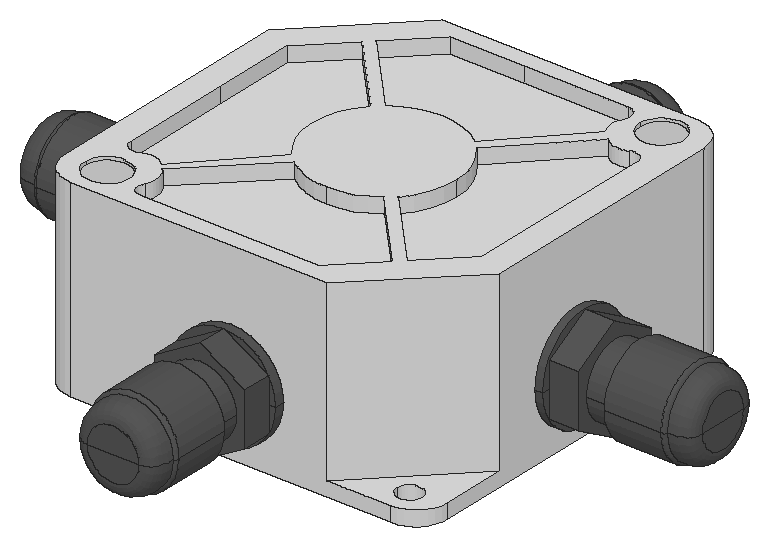
Revit family "ustroystvo soedinitelnoe_us-4", category Датчики, Revit 2016
Family settings
  Сохранять ориентацию аннотаций = Нет
  Тип детали = Нормальный
  Размер круглого соединителя = Использовать диаметр
  На основе рабочей плоскости = Нет
  Всегда вертикально = Да
  При загрузке вырезать с полостями = Нет
  Общий = Нет
  Точка расчета площади = Нет
Parameters (values of type "УС-4")
  Метизы = Металл
  Watermarked By = ""
  Type Comments = "﻿﻿                           ﻿       ﻿     ﻿       ​         ​       ​   ​                  ﻿      ​ ​  ​       ​     ​ ﻿​                    ﻿     ﻿       ﻿       ﻿     ​         ﻿               ﻿﻿"
  Изготовитель = "ООО НПП \"Магнито-Контакт\""
  Гермоввод = Пластик черный
  URL = "www.m-kontakt.ru"
  Keynote = "﻿﻿                           ﻿       ﻿     ﻿       ​         ​       ​   ​                  ﻿      ​ ​  ​       ​     ​ ﻿​                    ﻿     ﻿       ﻿       ﻿     ​         ﻿               ﻿﻿"
  Description = "﻿﻿                           ﻿       ﻿     ﻿       ​         ​       ​   ​                  ﻿      ​ ​  ​       ​     ​ ﻿​                    ﻿     ﻿       ﻿       ﻿     ​         ﻿               ﻿﻿"
  BL_Разработано = "support@bimlib.ru"  # constant formula
  BL_Email = "451694@bk.ru"  # constant formula
  BL_BIM library = "https://bimlib.ru/manufacturer/company/2873"
  Assembly Code = "﻿﻿                           ﻿       ﻿     ﻿       ​         ​       ​   ​                  ﻿      ​ ​  ​       ​     ​ ﻿​                    ﻿     ﻿       ﻿       ﻿     ​         ﻿               ﻿﻿"
  ADSK_Размер_Ширина = 106 mm
  ADSK_Размер_Длина = 106 mm
  ADSK_Размер_Высота = 32 mm
  ADSK_Примечание = ""
  ADSK_Позиция = ""
  ADSK_Обозначение = "ПАШК.425212.050 ТУ"
  ADSK_Наименование = "Устройство соединительное УС-4"
  ADSK_Материал = Пластик белый
  ADSK_Масса = 0.2
  ADSK_Код изделия = ""
  ADSK_Завод-изготовитель = "ООО НПП \"Магнито-Контакт\""
  ADSK_Единица измерения = "шт."
  ADSK_Версия Revit = "2016"  # constant formula
  ADSK_URL страницы изделия = ""
  ADSK_URL документации изделия = ""
Reference planes
  plane 1 "По центру (Вперед/Назад)": y = 0
  plane 2: z = 0
  plane 3 "По центру (Влево/Вправо)": x = 0
  plane 4: z = 32
  plane 5: x = -53
  plane 6: x = 53
  plane 7: y = 53
  plane 8: y = -53
  plane 9: x = -30
  plane 10: x = 30
  plane 11: y = 30
  plane 12: y = -30
Forms (mm)
  Extrusion 1, solid, material "Пластик белый" <- "ADSK_Материал", detail levels medium+fine
    sketch origin (0, 0, 2) x (1, 0, 0) y (0, 1, 0)
      loop
        arc (-25, 30) -> (-28.536, 28.536) -> (-30, 25) r 5
        line (-30, 25) -> (-30, -25)
        arc (-30, -25) -> (-28.536, -28.536) -> (-25, -30) r 5
        line (-25, -30) -> (25, -30)
        arc (25, -30) -> (28.536, -28.536) -> (30, -25) r 5
        line (30, -25) -> (30, 25)
        arc (30, 25) -> (28.536, 28.536) -> (25, 30) r 5
        line (25, 30) -> (-25, 30)
    from 0 to 30
  Extrusion 2, void
    sketch origin (0, 0, 0) x (1, 0, 0) y (0, 1, 0)
      loop
        line (-30, 30) -> (-30, 15) -> (-15, 30) -> (-30, 30)
      loop
        line (30, -30) -> (30, -15) -> (15, -30) -> (30, -30)
    from 4.333 to 32
  Extrusion 3, void
    sketch origin (0, 0, 0) x (1, 0, 0) y (0, 1, 0)
      loop
        line (-25.734, 13.14) -> (-25.734, 0) -> (-25.734, -17.414)
        arc (-25.734, -17.414) -> (-24.88, -18.902) -> (-23.164, -18.918) r 1.725
        arc (-23.164, -18.918) -> (-21.093, -18.566) -> (-19.268, -19.605) r 3.123
        line (-19.268, -19.605) -> (-8.277, -7.703)
        arc (-8.277, -7.703) -> (-10.537, -4.1) -> (-11.307, 0.083) r 11.307
        arc (-11.307, 0.083) -> (-10.507, 4.177) -> (-8.277, 7.703) r 11.307
        line (-8.277, 7.703) -> (-19.268, 19.605) -> (-25.734, 13.14)
      loop
        line (-18.057, 20.816) -> (-7.02, 8.864)
        arc (-7.02, 8.864) -> (-3.72, 10.678) -> (-0.007, 11.307) r 11.307
        arc (-0.007, 11.307) -> (3.713, 10.68) -> (7.02, 8.864) r 11.307
        line (7.02, 8.864) -> (18.057, 20.816)
        arc (18.057, 20.816) -> (17.417, 22.668) -> (17.875, 24.573) r 3.491
        arc (17.875, 24.573) -> (17.871, 26.38) -> (16.305, 27.282) r 1.809
        line (16.305, 27.282) -> (0, 27.282) -> (-11.591, 27.282) -> (-18.057, 20.816)
      loop
        line (19.268, 19.605) -> (8.277, 7.703)
        arc (8.277, 7.703) -> (10.507, 4.177) -> (11.307, 0.083) r 11.307
        arc (11.307, 0.083) -> (10.537, -4.1) -> (8.277, -7.703) r 11.307
        line (8.277, -7.703) -> (19.268, -19.605) -> (25.734, -13.14) -> (25.734, 0) -> (25.734, 17.414)
        arc (25.734, 17.414) -> (24.88, 18.902) -> (23.164, 18.918) r 1.725
        arc (23.164, 18.918) -> (21.093, 18.566) -> (19.268, 19.605) r 3.123
      loop
        arc (-18.48, -20.324) -> (-17.448, -22.345) -> (-17.875, -24.573) r 3.491
        arc (-17.875, -24.573) -> (-17.871, -26.38) -> (-16.305, -27.282) r 1.809
        line (-16.305, -27.282) -> (0, -27.282) -> (11.591, -27.282) -> (18.057, -20.816) -> (7.02, -8.864)
        arc (7.02, -8.864) -> (3.713, -10.68) -> (-0.007, -11.307) r 11.307
        arc (-0.007, -11.307) -> (-3.72, -10.678) -> (-7.02, -8.864) r 11.307
        line (-7.02, -8.864) -> (-18.48, -20.324)
    from 29.614 to 32
  Extrusion 4, void
    sketch origin (0, 0, 0) x (1, 0, 0) y (0, 1, 0)
      loop
        circle (-24.956, 26.149) r 1.982
      loop
        circle (24.812, -26.023) r 1.982
    from 0 to 4.333
  Extrusion 5, void
    sketch origin (0, 0, 0) x (1, 0, 0) y (0, 1, 0)
      loop
        circle (23.397, 25.019) r 3.434
      loop
        circle (-23.491, -24.782) r 3.434
    from 28.361 to 32
  Extrusion 6, solid, material "Металл" <- "Метизы", detail levels medium+fine
    sketch origin (0, 0, 0) x (1, 0, 0) y (0, 1, 0)
      loop
        circle (23.393, 25.019) r 3.26
      loop
        circle (-23.524, -24.797) r 3.26
    from 28.361 to 31.625
  Revolve 7, solid, material "Пластик черный" <- "Гермоввод", detail levels fine
    sketch origin (0, 0, 12.813) x (1, 0, 0) y (0, 1, 0)
      loop
        line (0, 36.066) -> (0, 53) -> (-4.017, 53)
        spline (-4.017, 53) -> (-4.419, 52.975) -> (-4.786, 52.902) -> (-5.118, 52.779) -> (-5.414, 52.607) -> (-5.676, 52.386) -> (-5.903, 52.116) -> (-6.095, 51.797) -> (-6.253, 51.429) -> (-6.375, 51.012) -> (-6.462, 50.546) -> (-6.515, 50.03) -> (-6.532, 49.466)
        arc (-6.532, 49.466) -> (-6.859, 49.219) -> (-6.984, 48.829) r 0.675
        line (-6.984, 48.829) -> (-6.984, 40.032) -> (-5.674, 40.032) -> (-5.674, 36.066) -> (0, 36.066)
      loop
        line (0, 31.403) -> (-8.2, 31.403) -> (-8.2, 30) -> (0, 30) -> (0, 31.403)
      axis (0, 30) -> (0, 53)
    angle from 0 to 360
  Extrusion 8, solid, material "Пластик черный" <- "Гермоввод", detail levels fine
    sketch origin (0, 0, 0) x (1, 0, 0) y (0, 0, 1)
      loop
        line (0, 21.005) -> (-7.095, 16.909) -> (-7.095, 8.716) -> (0, 4.62) -> (7.095, 8.716) -> (7.095, 16.909) -> (0, 21.005)
    from -36.066 to -31.403
  Revolve 9, solid, material "Пластик черный" <- "Гермоввод", detail levels fine
    sketch origin (0, 0, 12.813) x (1, 0, 0) y (0, 1, 0)
      loop
        line (0, -36.066) -> (-5.674, -36.066) -> (-5.674, -40.032) -> (-6.984, -40.032) -> (-6.984, -48.829)
        arc (-6.984, -48.829) -> (-6.859, -49.219) -> (-6.532, -49.466) r 0.675
        spline (-6.532, -49.466) -> (-6.515, -50.03) -> (-6.462, -50.546) -> (-6.375, -51.012) -> (-6.253, -51.429) -> (-6.095, -51.797) -> (-5.903, -52.116) -> (-5.676, -52.386) -> (-5.414, -52.607) -> (-5.118, -52.779) -> (-4.786, -52.902) -> (-4.419, -52.975) -> (-4.017, -53)
        line (-4.017, -53) -> (0, -53) -> (0, -36.066)
      loop
        line (0, -31.403) -> (0, -30) -> (-8.2, -30) -> (-8.2, -31.403) -> (0, -31.403)
      axis (0, -30) -> (0, -53)
    angle from 0 to 360
  Extrusion 10, solid, material "Пластик черный" <- "Гермоввод", detail levels fine
    sketch origin (0, 0, 0) x (1, 0, 0) y (0, 0, -1)
      loop
        line (0, -21.005) -> (7.095, -16.909) -> (7.095, -8.716) -> (0, -4.62) -> (-7.095, -8.716) -> (-7.095, -16.909) -> (0, -21.005)
    from -36.066 to -31.403
  Revolve 11, solid, material "Пластик черный" <- "Гермоввод", detail levels fine
    sketch origin (0, 0, 12.813) x (0, -1, 0) y (1, 0, 0)
      loop
        line (0, -36.066) -> (-5.674, -36.066) -> (-5.674, -40.032) -> (-6.984, -40.032) -> (-6.984, -48.829)
        arc (-6.984, -48.829) -> (-6.859, -49.219) -> (-6.532, -49.466) r 0.675
        spline (-6.532, -49.466) -> (-6.515, -50.03) -> (-6.462, -50.546) -> (-6.375, -51.012) -> (-6.253, -51.429) -> (-6.095, -51.797) -> (-5.903, -52.116) -> (-5.676, -52.386) -> (-5.414, -52.607) -> (-5.118, -52.779) -> (-4.786, -52.902) -> (-4.419, -52.975) -> (-4.017, -53)
        line (-4.017, -53) -> (0, -53) -> (0, -36.066)
      loop
        line (0, -31.403) -> (0, -30) -> (-8.2, -30) -> (-8.2, -31.403) -> (0, -31.403)
      axis (0, -30) -> (0, -53)
    angle from 0 to 360
  Extrusion 12, solid, material "Пластик черный" <- "Гермоввод", detail levels fine
    sketch origin (0, 0, 0) x (0, -1, 0) y (0, 0, -1)
      loop
        line (0, -21.005) -> (7.095, -16.909) -> (7.095, -8.716) -> (0, -4.62) -> (-7.095, -8.716) -> (-7.095, -16.909) -> (0, -21.005)
    from -36.066 to -31.403
  Revolve 13, solid, material "Пластик черный" <- "Гермоввод", detail levels fine
    sketch origin (0, 0, 12.813) x (0, -1, 0) y (1, 0, 0)
      loop
        line (0, 36.066) -> (0, 53) -> (-4.017, 53)
        spline (-4.017, 53) -> (-4.419, 52.975) -> (-4.786, 52.902) -> (-5.118, 52.779) -> (-5.414, 52.607) -> (-5.676, 52.386) -> (-5.903, 52.116) -> (-6.095, 51.797) -> (-6.253, 51.429) -> (-6.375, 51.012) -> (-6.462, 50.546) -> (-6.515, 50.03) -> (-6.532, 49.466)
        arc (-6.532, 49.466) -> (-6.859, 49.219) -> (-6.984, 48.829) r 0.675
        line (-6.984, 48.829) -> (-6.984, 40.032) -> (-5.674, 40.032) -> (-5.674, 36.066) -> (0, 36.066)
      loop
        line (0, 31.403) -> (-8.2, 31.403) -> (-8.2, 30) -> (0, 30) -> (0, 31.403)
      axis (0, 30) -> (0, 53)
    angle from 0 to 360
  Extrusion 14, solid, material "Пластик черный" <- "Гермоввод", detail levels fine
    sketch origin (0, 0, 0) x (0, -1, 0) y (0, 0, 1)
      loop
        line (0, 21.005) -> (-7.095, 16.909) -> (-7.095, 8.716) -> (0, 4.62) -> (7.095, 8.716) -> (7.095, 16.909) -> (0, 21.005)
    from -36.066 to -31.403
  Extrusion 15, solid, material "Пластик белый" <- "ADSK_Материал", detail levels medium+fine
    sketch origin (0, 0, 0) x (1, 0, 0) y (0, 1, 0)
      loop
        circle (-18.85, 20.41) r 1.548
      loop
        circle (18.85, 20.41) r 1.548
      loop
        circle (-18.85, -20.41) r 1.548
      loop
        circle (18.85, -20.41) r 1.548
    from 0 to 2
Cuts and joins
  Extrusion 2, Extrusion 3, Extrusion 4, Extrusion 5 cuts Extrusion 1
Dimensions and locks
  "ADSK_Размер_Высота": level to plane 4
  equal spacing: plane 7, plane 1 "По центру (Вперед/Назад)", plane 8
  "ADSK_Размер_Ширина": plane 7 to plane 8
  equal spacing: plane 5, plane 3 "По центру (Влево/Вправо)", plane 6
  "ADSK_Размер_Длина": plane 5 to plane 6
  aligned and locked: level to plane 2
Automatic sketch dimensions
  Extrusion 1 sketch curve to plane 9 = 0 mm
  plane 12 to Extrusion 1 sketch curve = 0 mm
  Extrusion 1 sketch curve to plane 11 = 0 mm
  Extrusion 1 sketch curve to plane 10 = 0 mm
  Extrusion 1 sketch curve to plane 9 = 5 mm
  Extrusion 1 sketch curve to Extrusion 1 sketch curve = 5 mm
  Extrusion 1 sketch curve to plane 10 = 5 mm  (x2)
  Extrusion 2 sketch curve to plane 9 = 0 mm
  Extrusion 2 sketch curve to plane 11 = 0 mm
  plane 12 to Extrusion 2 sketch curve = 0 mm
  Extrusion 2 sketch curve to plane 10 = 0 mm
  Extrusion 2 sketch curve to plane 3 "По центру (Влево/Вправо)" = 15 mm
  plane 3 "По центру (Влево/Вправо)" to Extrusion 2 sketch curve = 15 mm
  plane 1 "По центру (Вперед/Назад)" to Extrusion 2 sketch curve = 15 mm
  Extrusion 2 sketch curve to plane 1 "По центру (Вперед/Назад)" = 15 mm
  Extrusion 3 sketch curve to Extrusion 3 sketch curve = 0 mm  (x56)
  plane 1 "По центру (Вперед/Назад)" to Extrusion 3 sketch curve = 0 mm  (x3)
  Extrusion 3 sketch curve to plane 3 "По центру (Влево/Вправо)" = 0 mm  (x3)
  Extrusion 3 sketch curve to plane 3 "По центру (Влево/Вправо)" = 7.02 mm  (x2)
  Extrusion 3 sketch curve to Extrusion 3 sketch curve = 1.257 mm  (x4)
  Extrusion 3 sketch curve to plane 11 = 2.718 mm
  Extrusion 3 sketch curve to plane 3 "По центру (Влево/Вправо)" = 11.591 mm
  Extrusion 3 sketch curve to plane 12 = 2.718 mm
  Extrusion 3 sketch curve to plane 9 = 13.695 mm
  Extrusion 3 sketch curve to Extrusion 3 sketch curve = 6.466 mm  (x5)
  Extrusion 3 sketch curve to Extrusion 3 sketch curve = 2.175 mm
  Extrusion 3 sketch curve to Extrusion 3 sketch curve = 0.788 mm
  Extrusion 3 sketch curve to Extrusion 3 sketch curve = 1.211 mm  (x6)
  Extrusion 3 sketch curve to Extrusion 3 sketch curve = 2.423 mm
  Extrusion 3 sketch curve to Extrusion 3 sketch curve = 0.732 mm  (x2)
  Extrusion 3 sketch curve to Extrusion 3 sketch curve = 2.372 mm  (x2)
  Extrusion 3 sketch curve to plane 9 = 4.266 mm
  plane 3 "По центру (Влево/Вправо)" to Extrusion 3 sketch curve = 7.02 mm  (x2)
  plane 3 "По центру (Влево/Вправо)" to Extrusion 3 sketch curve = 11.591 mm
  Extrusion 3 sketch curve to plane 11 = 4.527 mm
  Extrusion 3 sketch curve to plane 10 = 13.695 mm
  Extrusion 3 sketch curve to Extrusion 3 sketch curve = 1.752 mm
  Extrusion 3 sketch curve to Extrusion 3 sketch curve = 2.847 mm
  Extrusion 3 sketch curve to plane 10 = 4.266 mm
  Extrusion 3 sketch curve to Extrusion 3 sketch curve = 1.809 mm
  Extrusion 3 sketch curve to Extrusion 3 sketch curve = 2.636 mm
  Extrusion 3 sketch curve to Extrusion 3 sketch curve = 1.196 mm  (x2)
  Extrusion 3 sketch curve to Extrusion 3 sketch curve = 1.317 mm
  Extrusion 3 sketch curve to Extrusion 3 sketch curve = 0.719 mm
  Extrusion 3 sketch curve to Extrusion 3 sketch curve = 4.228 mm
  plane 1 "По центру (Вперед/Назад)" to Extrusion 3 sketch curve = 8.864 mm
  Extrusion 3 sketch curve to Extrusion 3 sketch curve = 1.161 mm  (x3)
  Extrusion 3 sketch curve to plane 1 "По центру (Вперед/Назад)" = 13.14 mm
  Extrusion 3 sketch curve to Extrusion 3 sketch curve = 8.059 mm
  Extrusion 3 sketch curve to Extrusion 3 sketch curve = 2.192 mm
  Extrusion 3 sketch curve to Extrusion 3 sketch curve = 2.036 mm
  Extrusion 3 sketch curve to plane 3 "По центру (Влево/Вправо)" = 0.007 mm  (x2)
  Extrusion 3 sketch curve to plane 1 "По центру (Вперед/Назад)" = 0.083 mm  (x2)
  Extrusion 4 sketch curve to plane 9 = 5.044 mm
  Extrusion 4 sketch curve to plane 10 = 5.188 mm
  Extrusion 4 sketch curve to plane 12 = 3.977 mm
  Extrusion 4 sketch curve to plane 11 = 3.851 mm
  Extrusion 5 sketch curve to plane 9 = 6.509 mm
  Extrusion 5 sketch curve to plane 10 = 6.603 mm
  Extrusion 5 sketch curve to plane 12 = 5.218 mm
  Extrusion 5 sketch curve to plane 11 = 4.981 mm
  Extrusion 6 sketch curve to plane 9 = 6.476 mm
  Extrusion 6 sketch curve to plane 10 = 6.607 mm
  Extrusion 6 sketch curve to plane 12 = 5.203 mm
  Extrusion 6 sketch curve to plane 11 = 4.981 mm
  Revolve 7 sketch curve to plane 11 = 0 mm
  Revolve 7 sketch curve to plane 7 = 0 mm
  Revolve 7 sketch curve to plane 3 "По центру (Влево/Вправо)" = 0 mm  (x3)
  Revolve 7 sketch curve to plane 3 "По центру (Влево/Вправо)" = 4.017 mm
  Revolve 7 sketch curve to plane 3 "По центру (Влево/Вправо)" = 5.674 mm
  Revolve 7 sketch curve to Revolve 7 sketch curve = 2.291 mm
  Revolve 7 sketch curve to Revolve 7 sketch curve = 0.223 mm
  Revolve 7 sketch curve to Revolve 7 sketch curve = 0.675 mm
  Revolve 7 sketch curve to Revolve 7 sketch curve = 2.527 mm
  plane 11 to Revolve 7 sketch curve = 1.403 mm
  Revolve 7 sketch curve to Revolve 7 sketch curve = 4.663 mm
  Revolve 7 sketch curve to Revolve 7 sketch curve = 3.966 mm
  Revolve 7 sketch curve to plane 7 = 4.171 mm
  Revolve 7 sketch curve to Revolve 7 sketch curve = 0.501 mm
  Revolve 7 sketch curve to Revolve 7 sketch curve = 0.956 mm
  Extrusion 8 sketch curve to plane 3 "По центру (Влево/Вправо)" = 0 mm  (x2)
  Extrusion 8 sketch curve to plane 3 "По центру (Влево/Вправо)" = 7.095 mm
  plane 3 "По центру (Влево/Вправо)" to Extrusion 8 sketch curve = 7.095 mm
  level to Extrusion 8 sketch curve = 4.62 mm
  Extrusion 8 sketch curve to Extrusion 8 sketch curve = 4.096 mm  (x3)
  Extrusion 8 sketch curve to Extrusion 8 sketch curve = 8.192 mm  (x2)
  plane 12 to Revolve 9 sketch curve = 0 mm
  Revolve 9 sketch curve to plane 8 = 0 mm
  Revolve 9 sketch curve to plane 3 "По центру (Влево/Вправо)" = 0 mm  (x3)
  Revolve 9 sketch curve to plane 3 "По центру (Влево/Вправо)" = 4.017 mm
  Revolve 9 sketch curve to plane 3 "По центру (Влево/Вправо)" = 5.674 mm
  Revolve 9 sketch curve to Revolve 9 sketch curve = 2.291 mm
  Revolve 9 sketch curve to Revolve 9 sketch curve = 0.223 mm
  Revolve 9 sketch curve to Revolve 9 sketch curve = 0.675 mm
  Revolve 9 sketch curve to Revolve 9 sketch curve = 2.527 mm
  plane 8 to Revolve 9 sketch curve = 3.534 mm
  Revolve 9 sketch curve to Revolve 9 sketch curve = 8.797 mm
  Revolve 9 sketch curve to Revolve 9 sketch curve = 6.066 mm
  Revolve 9 sketch curve to Revolve 9 sketch curve = 1.403 mm
  Revolve 9 sketch curve to Revolve 9 sketch curve = 0.956 mm
  Revolve 9 sketch curve to Revolve 9 sketch curve = 0.501 mm
  Extrusion 10 sketch curve to plane 3 "По центру (Влево/Вправо)" = 0 mm  (x2)
  Extrusion 10 sketch curve to plane 3 "По центру (Влево/Вправо)" = 7.095 mm
  plane 3 "По центру (Влево/Вправо)" to Extrusion 10 sketch curve = 7.095 mm
  Extrusion 10 sketch curve to plane 4 = 10.995 mm
  Extrusion 10 sketch curve to Extrusion 10 sketch curve = 4.096 mm  (x2)
  Extrusion 10 sketch curve to Extrusion 10 sketch curve = 8.192 mm  (x2)
  level to Extrusion 10 sketch curve = 4.62 mm
  Revolve 11 sketch curve to plane 9 = 0 mm
  Revolve 11 sketch curve to plane 5 = 0 mm
  plane 1 "По центру (Вперед/Назад)" to Revolve 11 sketch curve = 0 mm  (x3)
  Revolve 11 sketch curve to Revolve 11 sketch curve = 4.017 mm
  Revolve 11 sketch curve to Revolve 11 sketch curve = 5.674 mm
  Revolve 11 sketch curve to Revolve 11 sketch curve = 2.291 mm
  Revolve 11 sketch curve to Revolve 11 sketch curve = 0.223 mm
  Revolve 11 sketch curve to Revolve 11 sketch curve = 0.675 mm
  Revolve 11 sketch curve to Revolve 11 sketch curve = 2.527 mm
  plane 5 to Revolve 11 sketch curve = 3.534 mm
  Revolve 11 sketch curve to Revolve 11 sketch curve = 8.797 mm
  Revolve 11 sketch curve to Revolve 11 sketch curve = 6.066 mm
  Revolve 11 sketch curve to Revolve 11 sketch curve = 1.403 mm
  Revolve 11 sketch curve to Revolve 11 sketch curve = 0.956 mm
  Revolve 11 sketch curve to Revolve 11 sketch curve = 0.501 mm
  Extrusion 12 sketch curve to plane 1 "По центру (Вперед/Назад)" = 0 mm  (x2)
  Extrusion 12 sketch curve to plane 1 "По центру (Вперед/Назад)" = 7.095 mm
  plane 1 "По центру (Вперед/Назад)" to Extrusion 12 sketch curve = 7.095 mm
  Extrusion 12 sketch curve to plane 4 = 10.995 mm
  Extrusion 12 sketch curve to Extrusion 12 sketch curve = 4.096 mm  (x2)
  Extrusion 12 sketch curve to Extrusion 12 sketch curve = 8.192 mm  (x2)
  level to Extrusion 12 sketch curve = 4.62 mm
  Revolve 13 sketch curve to plane 10 = 0 mm
  Revolve 13 sketch curve to plane 6 = 0 mm
  plane 1 "По центру (Вперед/Назад)" to Revolve 13 sketch curve = 0 mm  (x3)
  Revolve 13 sketch curve to plane 1 "По центру (Вперед/Назад)" = 4.017 mm
  Revolve 13 sketch curve to plane 1 "По центру (Вперед/Назад)" = 5.674 mm
  Revolve 13 sketch curve to Revolve 13 sketch curve = 2.291 mm
  Revolve 13 sketch curve to Revolve 13 sketch curve = 0.223 mm
  Revolve 13 sketch curve to Revolve 13 sketch curve = 0.675 mm
  Revolve 13 sketch curve to Revolve 13 sketch curve = 2.527 mm
  plane 10 to Revolve 13 sketch curve = 1.403 mm
  Revolve 13 sketch curve to Revolve 13 sketch curve = 4.663 mm
  Revolve 13 sketch curve to Revolve 13 sketch curve = 3.966 mm
  plane 6 to Revolve 13 sketch curve = 4.171 mm
  Revolve 13 sketch curve to Revolve 13 sketch curve = 0.501 mm
  Revolve 13 sketch curve to Revolve 13 sketch curve = 0.956 mm
  Extrusion 14 sketch curve to plane 1 "По центру (Вперед/Назад)" = 0 mm  (x2)
  Extrusion 14 sketch curve to plane 1 "По центру (Вперед/Назад)" = 7.095 mm
  plane 1 "По центру (Вперед/Назад)" to Extrusion 14 sketch curve = 7.095 mm
  level to Extrusion 14 sketch curve = 4.62 mm
  Extrusion 14 sketch curve to Extrusion 14 sketch curve = 4.096 mm  (x3)
  Extrusion 14 sketch curve to Extrusion 14 sketch curve = 8.192 mm  (x2)
  Extrusion 15 sketch curve to plane 9 = 11.15 mm  (x2)
  Extrusion 15 sketch curve to plane 10 = 11.15 mm  (x2)
  Extrusion 15 sketch curve to plane 12 = 9.59 mm  (x2)
  Extrusion 15 sketch curve to plane 11 = 9.59 mm  (x2)
  radius of Extrusion 4 sketch curve = 1.982 mm  (x2)
  radius of Extrusion 5 sketch curve = 3.434 mm  (x2)
  radius of Extrusion 6 sketch curve = 3.26 mm  (x2)
  radius of Extrusion 15 sketch curve = 1.548 mm  (x4)
Nested families
  nested 1: "уго_коробка" at (0, 0, 0), type "уго_коробка", detail levels coarse
Connectors
  electrical at (0, 0, 2)
    settings: on cut or joined group of Extrusion 1, Extrusion 2, Extrusion 3, Extrusion 4, Extrusion 5, index 1, voltage 0 V, apparent load 0 VA, apparent load phase1 0 VA, apparent load phase2 0 VA, apparent load phase3 0 VA, power factor 1, load classification "Прочее", number of poles 1, system type 10, power factor state 1, is connector primary yes, connector utility no, sub classification motor no, connector description ""
Definition of nested family "уго_коробка"
  Parameters (values of type "уго_коробка")
    Watermarked By = ""
  Reference planes
    plane 1: y = 0
    plane 2: x = 0
  Lines and regions (mm)
    detail lines
      curve 1: circle (0, 0, 0) r 1.496 normal (0, 0, 1)
